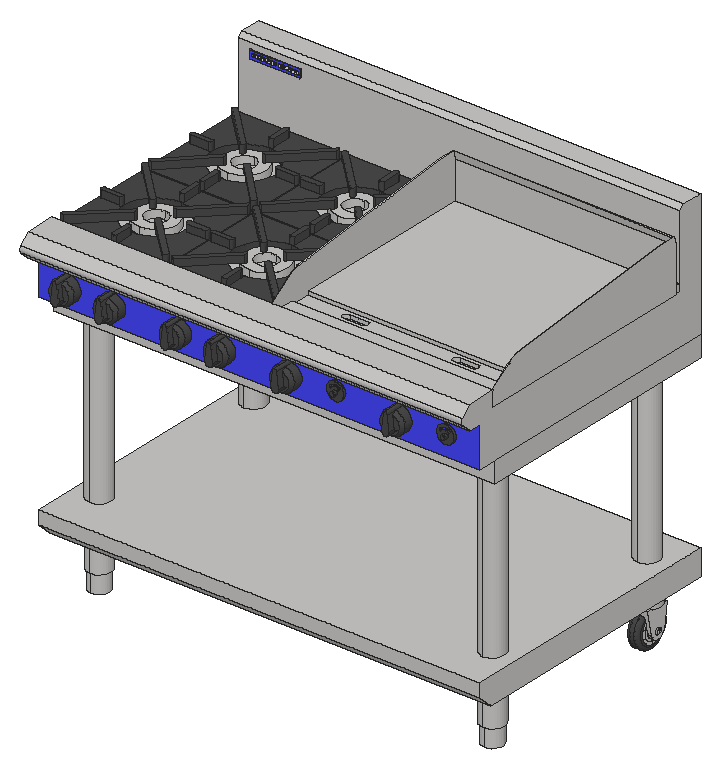
Revit family "QF_MOFFAT_BLUESEAL_CE_G518B-LS", category Specialty Equipment, Revit 2012 (continued)
Definition of nested family "GAS BURNER 600 & GRIDDLE 600"
  Definition of nested family "GAS BURNER 600"
    Forms (mm)
      Extrusion 2, solid, material "QF_Finishes_Black"
        sketch origin (0, 0, 19.5) x (0, -1, 0) y (1, 0, 0)
          loop
            spline (463.6, 241.898) -> (463.818, 240.604) -> (464.457, 239.398) -> (465.475, 238.362) -> (466.8, 237.568) -> (468.344, 237.068) -> (470, 236.898) -> (471.656, 237.068) -> (473.2, 237.568) -> (474.525, 238.362) -> (475.543, 239.398) -> (476.182, 240.604) -> (476.4, 241.898)
            line (476.4, 241.898) -> (476.4, 291.102)
            spline (476.4, 291.102) -> (476.182, 292.396) -> (475.543, 293.602) -> (474.525, 294.638) -> (473.2, 295.432) -> (471.656, 295.932) -> (470, 296.102) -> (468.344, 295.932) -> (466.8, 295.432) -> (465.475, 294.638) -> (464.457, 293.602) -> (463.818, 292.396) -> (463.6, 291.102)
          loop
            spline (612.398, 284.847) -> (613.159, 285.916) -> (613.559, 287.221) -> (613.572, 288.672) -> (613.197, 290.171) -> (612.459, 291.616) -> (611.408, 292.908) -> (610.116, 293.959) -> (608.671, 294.697) -> (607.172, 295.072) -> (605.721, 295.059) -> (604.416, 294.659) -> (603.347, 293.898)
            line (603.347, 293.898) -> (496.924, 185.975)
            spline (496.924, 185.975) -> (496.163, 184.905) -> (495.762, 183.601) -> (495.749, 182.149) -> (496.125, 180.65) -> (496.863, 179.205) -> (497.914, 177.914) -> (499.205, 176.863) -> (500.65, 176.125) -> (502.149, 175.749) -> (503.601, 175.762) -> (504.905, 176.163) -> (505.975, 176.924)
            line (505.975, 176.924) -> (612.398, 284.847)
          loop
            spline (609.602, 143.6) -> (610.896, 143.818) -> (612.102, 144.457) -> (613.138, 145.475) -> (613.932, 146.8) -> (614.432, 148.344) -> (614.602, 150) -> (614.432, 151.656) -> (613.932, 153.2) -> (613.138, 154.525) -> (612.102, 155.543) -> (610.896, 156.182) -> (609.602, 156.4)
            line (609.602, 156.4) -> (561.898, 156.4)
            spline (561.898, 156.4) -> (560.604, 156.182) -> (559.398, 155.543) -> (558.362, 154.525) -> (557.568, 153.2) -> (557.068, 151.656) -> (556.898, 150) -> (557.068, 148.344) -> (557.568, 146.8) -> (558.362, 145.475) -> (559.398, 144.457) -> (560.604, 143.818) -> (561.898, 143.6)
            line (561.898, 143.6) -> (609.602, 143.6)
          loop
            line (612.398, 15.153) -> (505.975, 123.076)
            spline (505.975, 123.076) -> (504.905, 123.837) -> (503.601, 124.238) -> (502.149, 124.251) -> (500.65, 123.875) -> (499.205, 123.137) -> (497.914, 122.086) -> (496.863, 120.795) -> (496.125, 119.35) -> (495.749, 117.851) -> (495.762, 116.399) -> (496.163, 115.095) -> (496.924, 114.025)
            line (496.924, 114.025) -> (603.347, 6.102)
            spline (603.347, 6.102) -> (604.416, 5.341) -> (605.721, 4.941) -> (607.172, 4.928) -> (608.671, 5.303) -> (610.116, 6.041) -> (611.408, 7.092) -> (612.459, 8.384) -> (613.197, 9.829) -> (613.572, 11.328) -> (613.559, 12.779) -> (613.159, 14.084) -> (612.398, 15.153)
          loop
            line (476.4, 8.898) -> (476.4, 58.102)
            spline (476.4, 58.102) -> (476.182, 59.396) -> (475.543, 60.602) -> (474.525, 61.638) -> (473.2, 62.432) -> (471.656, 62.932) -> (470, 63.102) -> (468.344, 62.932) -> (466.8, 62.432) -> (465.475, 61.638) -> (464.457, 60.602) -> (463.818, 59.396) -> (463.6, 58.102)
            line (463.6, 58.102) -> (463.6, 8.898)
            spline (463.6, 8.898) -> (463.818, 7.604) -> (464.457, 6.398) -> (465.475, 5.362) -> (466.8, 4.568) -> (468.344, 4.068) -> (470, 3.898) -> (471.656, 4.068) -> (473.2, 4.568) -> (474.525, 5.362) -> (475.543, 6.398) -> (476.182, 7.604) -> (476.4, 8.898)
          loop
            spline (22.602, 15.153) -> (21.681, 13.924) -> (21.131, 12.47) -> (20.99, 10.89) -> (21.267, 9.292) -> (21.943, 7.786) -> (22.973, 6.473) -> (24.286, 5.443) -> (25.792, 4.767) -> (27.39, 4.49) -> (28.97, 4.631) -> (30.424, 5.181) -> (31.653, 6.102)
            line (31.653, 6.102) -> (139.576, 114.025)
            spline (139.576, 114.025) -> (140.337, 115.095) -> (140.738, 116.399) -> (140.751, 117.851) -> (140.375, 119.35) -> (139.637, 120.795) -> (138.586, 122.086) -> (137.295, 123.137) -> (135.85, 123.875) -> (134.351, 124.251) -> (132.899, 124.238) -> (131.595, 123.837) -> (130.525, 123.076)
            line (130.525, 123.076) -> (22.602, 15.153)
          loop
            spline (25.398, 156.4) -> (24.104, 156.182) -> (22.898, 155.543) -> (21.862, 154.525) -> (21.068, 153.2) -> (20.568, 151.656) -> (20.398, 150) -> (20.568, 148.344) -> (21.068, 146.8) -> (21.862, 145.475) -> (22.898, 144.457) -> (24.104, 143.818) -> (25.398, 143.6)
            line (25.398, 143.6) -> (74.602, 143.6)
            spline (74.602, 143.6) -> (75.896, 143.818) -> (77.102, 144.457) -> (78.138, 145.475) -> (78.932, 146.8) -> (79.432, 148.344) -> (79.602, 150) -> (79.432, 151.656) -> (78.932, 153.2) -> (78.138, 154.525) -> (77.102, 155.543) -> (75.896, 156.182) -> (74.602, 156.4)
            line (74.602, 156.4) -> (25.398, 156.4)
          loop
            spline (31.653, 293.898) -> (30.584, 294.659) -> (29.279, 295.059) -> (27.828, 295.072) -> (26.329, 294.697) -> (24.884, 293.959) -> (23.592, 292.908) -> (22.541, 291.616) -> (21.803, 290.171) -> (21.428, 288.672) -> (21.441, 287.221) -> (21.841, 285.916) -> (22.602, 284.847)
            line (22.602, 284.847) -> (130.525, 176.924)
            spline (130.525, 176.924) -> (131.595, 176.163) -> (132.899, 175.762) -> (134.351, 175.749) -> (135.85, 176.125) -> (137.295, 176.863) -> (138.586, 177.914) -> (139.637, 179.205) -> (140.375, 180.65) -> (140.751, 182.149) -> (140.738, 183.601) -> (140.337, 184.905) -> (139.576, 185.975)
            line (139.576, 185.975) -> (31.653, 293.898)
          loop
            line (160.1, 291.102) -> (160.1, 241.898)
            spline (160.1, 241.898) -> (160.318, 240.604) -> (160.957, 239.398) -> (161.975, 238.362) -> (163.3, 237.568) -> (164.844, 237.068) -> (166.5, 236.898) -> (168.156, 237.068) -> (169.7, 237.568) -> (171.025, 238.362) -> (172.043, 239.398) -> (172.682, 240.604) -> (172.9, 241.898)
            line (172.9, 241.898) -> (172.9, 291.102)
            spline (172.9, 291.102) -> (172.682, 292.396) -> (172.043, 293.602) -> (171.025, 294.638) -> (169.7, 295.432) -> (168.156, 295.932) -> (166.5, 296.102) -> (164.844, 295.932) -> (163.3, 295.432) -> (161.975, 294.638) -> (160.957, 293.602) -> (160.318, 292.396) -> (160.1, 291.102)
          loop
            spline (313.898, 284.847) -> (314.659, 285.916) -> (315.059, 287.221) -> (315.072, 288.672) -> (314.697, 290.171) -> (313.959, 291.616) -> (312.908, 292.908) -> (311.616, 293.959) -> (310.171, 294.697) -> (308.672, 295.072) -> (307.221, 295.059) -> (305.916, 294.659) -> (304.847, 293.898)
            line (304.847, 293.898) -> (193.424, 185.975)
            spline (193.424, 185.975) -> (192.663, 184.905) -> (192.262, 183.601) -> (192.249, 182.149) -> (192.625, 180.65) -> (193.363, 179.205) -> (194.414, 177.914) -> (195.705, 176.863) -> (197.15, 176.125) -> (198.649, 175.749) -> (200.101, 175.762) -> (201.405, 176.163) -> (202.475, 176.924)
            line (202.475, 176.924) -> (313.898, 284.847)
          loop
            spline (311.102, 143.6) -> (312.396, 143.818) -> (313.602, 144.457) -> (314.638, 145.475) -> (315.432, 146.8) -> (315.932, 148.344) -> (316.102, 150) -> (315.932, 151.656) -> (315.432, 153.2) -> (314.638, 154.525) -> (313.602, 155.543) -> (312.396, 156.182) -> (311.102, 156.4)
            line (311.102, 156.4) -> (261.898, 156.4)
            spline (261.898, 156.4) -> (260.604, 156.182) -> (259.398, 155.543) -> (258.362, 154.525) -> (257.568, 153.2) -> (257.068, 151.656) -> (256.898, 150) -> (257.068, 148.344) -> (257.568, 146.8) -> (258.362, 145.475) -> (259.398, 144.457) -> (260.604, 143.818) -> (261.898, 143.6)
            line (261.898, 143.6) -> (311.102, 143.6)
          loop
            line (313.898, 15.153) -> (202.475, 123.076)
            spline (202.475, 123.076) -> (201.405, 123.837) -> (200.101, 124.238) -> (198.649, 124.251) -> (197.15, 123.875) -> (195.705, 123.137) -> (194.414, 122.086) -> (193.363, 120.795) -> (192.625, 119.35) -> (192.249, 117.851) -> (192.262, 116.399) -> (192.663, 115.095) -> (193.424, 114.025)
            line (193.424, 114.025) -> (304.847, 6.102)
            spline (304.847, 6.102) -> (305.916, 5.341) -> (307.221, 4.941) -> (308.672, 4.928) -> (310.171, 5.303) -> (311.616, 6.041) -> (312.908, 7.092) -> (313.959, 8.384) -> (314.697, 9.829) -> (315.072, 11.328) -> (315.059, 12.779) -> (314.659, 14.084) -> (313.898, 15.153)
          loop
            line (172.9, 8.898) -> (172.9, 58.102)
            spline (172.9, 58.102) -> (172.682, 59.396) -> (172.043, 60.602) -> (171.025, 61.638) -> (169.7, 62.432) -> (168.156, 62.932) -> (166.5, 63.102) -> (164.844, 62.932) -> (163.3, 62.432) -> (161.975, 61.638) -> (160.957, 60.602) -> (160.318, 59.396) -> (160.1, 58.102)
            line (160.1, 58.102) -> (160.1, 8.898)
            spline (160.1, 8.898) -> (160.318, 7.604) -> (160.957, 6.398) -> (161.975, 5.362) -> (163.3, 4.568) -> (164.844, 4.068) -> (166.5, 3.898) -> (168.156, 4.068) -> (169.7, 4.568) -> (171.025, 5.362) -> (172.043, 6.398) -> (172.682, 7.604) -> (172.9, 8.898)
        from 0 to 20.5
      Extrusion 3, solid, material "QF_Finishes_Stainless Steel"
        sketch origin (0, -15.098, 0) x (0, -1, 0) y (1, 0, 0)
          loop
            circle (151.402, 150) r 57
          loop
            circle (451.402, 150) r 57
          loop
            circle (151.402, 150) r 30
          loop
            circle (451.402, 150) r 30
        from 0 to 20
      Extrusion 4, solid, material "QF_Finishes_Black"
        sketch origin (600, 0, 0) x (0, -1, 0) y (1, 0, 0)
          loop
            arc (318.5, -4) -> (317.621, -1.879) -> (315.5, -1) r 3
            line (315.5, -1) -> (3, -1)
            arc (3, -1) -> (0.879, -1.879) -> (0, -4) r 3
            line (0, -4) -> (0, -296)
            arc (0, -296) -> (0.879, -298.121) -> (3, -299) r 3
            line (3, -299) -> (315.5, -299)
            arc (315.5, -299) -> (317.621, -298.121) -> (318.5, -296) r 3
            line (318.5, -296) -> (318.5, -4)
          loop
            arc (324.5, -1) -> (322.379, -1.879) -> (321.5, -4) r 3
            line (321.5, -4) -> (321.5, -296)
            arc (321.5, -296) -> (322.379, -298.121) -> (324.5, -299) r 3
            line (324.5, -299) -> (632, -299)
            arc (632, -299) -> (634.121, -298.121) -> (635, -296) r 3
            line (635, -296) -> (635, -4)
            arc (635, -4) -> (634.121, -1.879) -> (632, -1) r 3
            line (632, -1) -> (324.5, -1)
          loop
            circle (168.5, -149.991) r 84.082
          loop
            circle (468.5, -149.991) r 84.082
        from 0 to 19.5
      Extrusion 5, solid, material "QF_Finishes_Black"
        sketch origin (600, 0, 19.5) x (0, -1, 0) y (1, 0, 0)
          loop
            line (326.102, -15.153) -> (434.025, -123.076)
            spline (434.025, -123.076) -> (435.095, -123.837) -> (436.399, -124.238) -> (437.851, -124.251) -> (439.35, -123.875) -> (440.795, -123.137) -> (442.086, -122.086) -> (443.137, -120.795) -> (443.875, -119.35) -> (444.251, -117.851) -> (444.238, -116.399) -> (443.837, -115.095) -> (443.076, -114.025)
            line (443.076, -114.025) -> (335.153, -6.102)
            spline (335.153, -6.102) -> (333.924, -5.181) -> (332.47, -4.631) -> (330.89, -4.49) -> (329.292, -4.767) -> (327.786, -5.443) -> (326.473, -6.473) -> (325.443, -7.786) -> (324.767, -9.292) -> (324.49, -10.89) -> (324.631, -12.47) -> (325.181, -13.924) -> (326.102, -15.153)
          loop
            line (328.898, -156.4) -> (378.102, -156.4)
            spline (378.102, -156.4) -> (379.396, -156.182) -> (380.602, -155.543) -> (381.638, -154.525) -> (382.432, -153.2) -> (382.932, -151.656) -> (383.102, -150) -> (382.932, -148.344) -> (382.432, -146.8) -> (381.638, -145.475) -> (380.602, -144.457) -> (379.396, -143.818) -> (378.102, -143.6)
            line (378.102, -143.6) -> (328.898, -143.6)
            spline (328.898, -143.6) -> (327.604, -143.818) -> (326.398, -144.457) -> (325.362, -145.475) -> (324.568, -146.8) -> (324.068, -148.344) -> (323.898, -150) -> (324.068, -151.656) -> (324.568, -153.2) -> (325.362, -154.525) -> (326.398, -155.543) -> (327.604, -156.182) -> (328.898, -156.4)
          loop
            line (335.153, -293.898) -> (443.076, -185.975)
            spline (443.076, -185.975) -> (443.837, -184.905) -> (444.238, -183.601) -> (444.251, -182.149) -> (443.875, -180.65) -> (443.137, -179.205) -> (442.086, -177.914) -> (440.795, -176.863) -> (439.35, -176.125) -> (437.851, -175.749) -> (436.399, -175.762) -> (435.095, -176.163) -> (434.025, -176.924)
            line (434.025, -176.924) -> (326.102, -284.847)
            spline (326.102, -284.847) -> (325.341, -285.916) -> (324.941, -287.221) -> (324.928, -288.672) -> (325.303, -290.171) -> (326.041, -291.616) -> (327.092, -292.908) -> (328.384, -293.959) -> (329.829, -294.697) -> (331.328, -295.072) -> (332.779, -295.059) -> (334.084, -294.659) -> (335.153, -293.898)
          loop
            spline (463.6, -291.102) -> (463.818, -292.396) -> (464.457, -293.602) -> (465.475, -294.638) -> (466.8, -295.432) -> (468.344, -295.932) -> (470, -296.102) -> (471.656, -295.932) -> (473.2, -295.432) -> (474.525, -294.638) -> (475.543, -293.602) -> (476.182, -292.396) -> (476.4, -291.102)
            line (476.4, -291.102) -> (476.4, -241.898)
            spline (476.4, -241.898) -> (476.182, -240.604) -> (475.543, -239.398) -> (474.525, -238.362) -> (473.2, -237.568) -> (471.656, -237.068) -> (470, -236.898) -> (468.344, -237.068) -> (466.8, -237.568) -> (465.475, -238.362) -> (464.457, -239.398) -> (463.818, -240.604) -> (463.6, -241.898)
            line (463.6, -241.898) -> (463.6, -291.102)
          loop
            line (612.398, -284.847) -> (505.975, -176.924)
            spline (505.975, -176.924) -> (504.905, -176.163) -> (503.601, -175.762) -> (502.149, -175.749) -> (500.65, -176.125) -> (499.205, -176.863) -> (497.914, -177.914) -> (496.863, -179.205) -> (496.125, -180.65) -> (495.749, -182.149) -> (495.762, -183.601) -> (496.163, -184.905) -> (496.924, -185.975)
            line (496.924, -185.975) -> (603.347, -293.898)
            spline (603.347, -293.898) -> (604.416, -294.659) -> (605.721, -295.059) -> (607.172, -295.072) -> (608.671, -294.697) -> (610.116, -293.959) -> (611.408, -292.908) -> (612.459, -291.616) -> (613.197, -290.171) -> (613.572, -288.672) -> (613.559, -287.221) -> (613.159, -285.916) -> (612.398, -284.847)
          loop
            line (609.602, -143.6) -> (561.898, -143.6)
            spline (561.898, -143.6) -> (560.604, -143.818) -> (559.398, -144.457) -> (558.362, -145.475) -> (557.568, -146.8) -> (557.068, -148.344) -> (556.898, -150) -> (557.068, -151.656) -> (557.568, -153.2) -> (558.362, -154.525) -> (559.398, -155.543) -> (560.604, -156.182) -> (561.898, -156.4)
            line (561.898, -156.4) -> (609.602, -156.4)
            spline (609.602, -156.4) -> (610.896, -156.182) -> (612.102, -155.543) -> (613.138, -154.525) -> (613.932, -153.2) -> (614.432, -151.656) -> (614.602, -150) -> (614.432, -148.344) -> (613.932, -146.8) -> (613.138, -145.475) -> (612.102, -144.457) -> (610.896, -143.818) -> (609.602, -143.6)
          loop
            spline (612.398, -15.153) -> (613.159, -14.084) -> (613.559, -12.779) -> (613.572, -11.328) -> (613.197, -9.829) -> (612.459, -8.384) -> (611.408, -7.092) -> (610.116, -6.041) -> (608.671, -5.303) -> (607.172, -4.928) -> (605.721, -4.941) -> (604.416, -5.341) -> (603.347, -6.102)
            line (603.347, -6.102) -> (496.924, -114.025)
            spline (496.924, -114.025) -> (496.163, -115.095) -> (495.762, -116.399) -> (495.749, -117.851) -> (496.125, -119.35) -> (496.863, -120.795) -> (497.914, -122.086) -> (499.205, -123.137) -> (500.65, -123.875) -> (502.149, -124.251) -> (503.601, -124.238) -> (504.905, -123.837) -> (505.975, -123.076)
            line (505.975, -123.076) -> (612.398, -15.153)
          loop
            spline (476.4, -8.898) -> (476.182, -7.604) -> (475.543, -6.398) -> (474.525, -5.362) -> (473.2, -4.568) -> (471.656, -4.068) -> (470, -3.898) -> (468.344, -4.068) -> (466.8, -4.568) -> (465.475, -5.362) -> (464.457, -6.398) -> (463.818, -7.604) -> (463.6, -8.898)
            line (463.6, -8.898) -> (463.6, -58.102)
            spline (463.6, -58.102) -> (463.818, -59.396) -> (464.457, -60.602) -> (465.475, -61.638) -> (466.8, -62.432) -> (468.344, -62.932) -> (470, -63.102) -> (471.656, -62.932) -> (473.2, -62.432) -> (474.525, -61.638) -> (475.543, -60.602) -> (476.182, -59.396) -> (476.4, -58.102)
            line (476.4, -58.102) -> (476.4, -8.898)
          loop
            line (22.602, -15.153) -> (130.525, -123.076)
            spline (130.525, -123.076) -> (131.595, -123.837) -> (132.899, -124.238) -> (134.351, -124.251) -> (135.85, -123.875) -> (137.295, -123.137) -> (138.586, -122.086) -> (139.637, -120.795) -> (140.375, -119.35) -> (140.751, -117.851) -> (140.738, -116.399) -> (140.337, -115.095) -> (139.576, -114.025)
            line (139.576, -114.025) -> (31.653, -6.102)
            spline (31.653, -6.102) -> (30.424, -5.181) -> (28.97, -4.631) -> (27.39, -4.49) -> (25.792, -4.767) -> (24.286, -5.443) -> (22.973, -6.473) -> (21.943, -7.786) -> (21.267, -9.292) -> (20.99, -10.89) -> (21.131, -12.47) -> (21.681, -13.924) -> (22.602, -15.153)
          loop
            line (25.398, -156.4) -> (74.602, -156.4)
            spline (74.602, -156.4) -> (75.896, -156.182) -> (77.102, -155.543) -> (78.138, -154.525) -> (78.932, -153.2) -> (79.432, -151.656) -> (79.602, -150) -> (79.432, -148.344) -> (78.932, -146.8) -> (78.138, -145.475) -> (77.102, -144.457) -> (75.896, -143.818) -> (74.602, -143.6)
            line (74.602, -143.6) -> (25.398, -143.6)
            spline (25.398, -143.6) -> (24.104, -143.818) -> (22.898, -144.457) -> (21.862, -145.475) -> (21.068, -146.8) -> (20.568, -148.344) -> (20.398, -150) -> (20.568, -151.656) -> (21.068, -153.2) -> (21.862, -154.525) -> (22.898, -155.543) -> (24.104, -156.182) -> (25.398, -156.4)
          loop
            line (31.653, -293.898) -> (139.576, -185.975)
            spline (139.576, -185.975) -> (140.337, -184.905) -> (140.738, -183.601) -> (140.751, -182.149) -> (140.375, -180.65) -> (139.637, -179.205) -> (138.586, -177.914) -> (137.295, -176.863) -> (135.85, -176.125) -> (134.351, -175.749) -> (132.899, -175.762) -> (131.595, -176.163) -> (130.525, -176.924)
            line (130.525, -176.924) -> (22.602, -284.847)
            spline (22.602, -284.847) -> (21.841, -285.916) -> (21.441, -287.221) -> (21.428, -288.672) -> (21.803, -290.171) -> (22.541, -291.616) -> (23.592, -292.908) -> (24.884, -293.959) -> (26.329, -294.697) -> (27.828, -295.072) -> (29.279, -295.059) -> (30.584, -294.659) -> (31.653, -293.898)
          loop
            spline (160.1, -291.102) -> (160.318, -292.396) -> (160.957, -293.602) -> (161.975, -294.638) -> (163.3, -295.432) -> (164.844, -295.932) -> (166.5, -296.102) -> (168.156, -295.932) -> (169.7, -295.432) -> (171.025, -294.638) -> (172.043, -293.602) -> (172.682, -292.396) -> (172.9, -291.102)
            line (172.9, -291.102) -> (172.9, -241.898)
            spline (172.9, -241.898) -> (172.682, -240.604) -> (172.043, -239.398) -> (171.025, -238.362) -> (169.7, -237.568) -> (168.156, -237.068) -> (166.5, -236.898) -> (164.844, -237.068) -> (163.3, -237.568) -> (161.975, -238.362) -> (160.957, -239.398) -> (160.318, -240.604) -> (160.1, -241.898)
            line (160.1, -241.898) -> (160.1, -291.102)
          loop
            line (313.898, -284.847) -> (202.475, -176.924)
            spline (202.475, -176.924) -> (201.405, -176.163) -> (200.101, -175.762) -> (198.649, -175.749) -> (197.15, -176.125) -> (195.705, -176.863) -> (194.414, -177.914) -> (193.363, -179.205) -> (192.625, -180.65) -> (192.249, -182.149) -> (192.262, -183.601) -> (192.663, -184.905) -> (193.424, -185.975)
            line (193.424, -185.975) -> (304.847, -293.898)
            spline (304.847, -293.898) -> (305.916, -294.659) -> (307.221, -295.059) -> (308.672, -295.072) -> (310.171, -294.697) -> (311.616, -293.959) -> (312.908, -292.908) -> (313.959, -291.616) -> (314.697, -290.171) -> (315.072, -288.672) -> (315.059, -287.221) -> (314.659, -285.916) -> (313.898, -284.847)
          loop
            line (311.102, -143.6) -> (261.898, -143.6)
            spline (261.898, -143.6) -> (260.604, -143.818) -> (259.398, -144.457) -> (258.362, -145.475) -> (257.568, -146.8) -> (257.068, -148.344) -> (256.898, -150) -> (257.068, -151.656) -> (257.568, -153.2) -> (258.362, -154.525) -> (259.398, -155.543) -> (260.604, -156.182) -> (261.898, -156.4)
            line (261.898, -156.4) -> (311.102, -156.4)
            spline (311.102, -156.4) -> (312.396, -156.182) -> (313.602, -155.543) -> (314.638, -154.525) -> (315.432, -153.2) -> (315.932, -151.656) -> (316.102, -150) -> (315.932, -148.344) -> (315.432, -146.8) -> (314.638, -145.475) -> (313.602, -144.457) -> (312.396, -143.818) -> (311.102, -143.6)
          loop
            spline (313.898, -15.153) -> (314.659, -14.084) -> (315.059, -12.779) -> (315.072, -11.328) -> (314.697, -9.829) -> (313.959, -8.384) -> (312.908, -7.092) -> (311.616, -6.041) -> (310.171, -5.303) -> (308.672, -4.928) -> (307.221, -4.941) -> (305.916, -5.341) -> (304.847, -6.102)
            line (304.847, -6.102) -> (193.424, -114.025)
            spline (193.424, -114.025) -> (192.663, -115.095) -> (192.262, -116.399) -> (192.249, -117.851) -> (192.625, -119.35) -> (193.363, -120.795) -> (194.414, -122.086) -> (195.705, -123.137) -> (197.15, -123.875) -> (198.649, -124.251) -> (200.101, -124.238) -> (201.405, -123.837) -> (202.475, -123.076)
            line (202.475, -123.076) -> (313.898, -15.153)
          loop
            spline (172.9, -8.898) -> (172.682, -7.604) -> (172.043, -6.398) -> (171.025, -5.362) -> (169.7, -4.568) -> (168.156, -4.068) -> (166.5, -3.898) -> (164.844, -4.068) -> (163.3, -4.568) -> (161.975, -5.362) -> (160.957, -6.398) -> (160.318, -7.604) -> (160.1, -8.898)
            line (160.1, -8.898) -> (160.1, -58.102)
            spline (160.1, -58.102) -> (160.318, -59.396) -> (160.957, -60.602) -> (161.975, -61.638) -> (163.3, -62.432) -> (164.844, -62.932) -> (166.5, -63.102) -> (168.156, -62.932) -> (169.7, -62.432) -> (171.025, -61.638) -> (172.043, -60.602) -> (172.682, -59.396) -> (172.9, -58.102)
            line (172.9, -58.102) -> (172.9, -8.898)
        from 0 to 20.5
      Extrusion 6, solid, material "QF_Finishes_Stainless Steel"
        sketch origin (600, -15.098, 0) x (0, -1, 0) y (1, 0, 0)
          loop
            circle (151.402, -150) r 57
          loop
            circle (451.402, -150) r 57
          loop
            circle (151.402, -150) r 30
          loop
            circle (451.402, -150) r 30
        from 0 to 20
    Lines and regions (mm)
      symbolic lines
        curve 1: line (284.847, -22.602, 0) -> (176.924, -130.525, 0)
        curve 2: spline (176.924, -130.525, 0) -> (176.163, -131.595, 0) -> (175.762, -132.899, 0) -> (175.749, -134.351, 0) -> (176.125, -135.85, 0) -> (176.863, -137.295, 0) -> (177.914, -138.586, 0) -> (179.205, -139.637, 0) -> (180.65, -140.375, 0) -> (182.149, -140.751, 0) -> (183.601, -140.738, 0) -> (184.905, -140.337, 0) -> (185.975, -139.576, 0)
        curve 3: line (185.975, -139.576, 0) -> (293.898, -31.653, 0)
        curve 4: spline (293.898, -31.653, 0) -> (294.659, -30.584, 0) -> (295.059, -29.279, 0) -> (295.072, -27.828, 0) -> (294.697, -26.329, 0) -> (293.959, -24.884, 0) -> (292.908, -23.592, 0) -> (291.616, -22.541, 0) -> (290.171, -21.803, 0) -> (288.672, -21.428, 0) -> (287.221, -21.441, 0) -> (285.916, -21.841, 0) -> (284.847, -22.602, 0)
        curve 5: line (291.102, -160.1, 0) -> (241.898, -160.1, 0)
        curve 6: spline (241.898, -160.1, 0) -> (240.604, -160.318, 0) -> (239.398, -160.957, 0) -> (238.362, -161.975, 0) -> (237.568, -163.3, 0) -> (237.068, -164.844, 0) -> (236.898, -166.5, 0) -> (237.068, -168.156, 0) -> (237.568, -169.7, 0) -> (238.362, -171.025, 0) -> (239.398, -172.043, 0) -> (240.604, -172.682, 0) -> (241.898, -172.9, 0)
        curve 7: line (241.898, -172.9, 0) -> (291.102, -172.9, 0)
        curve 8: spline (291.102, -172.9, 0) -> (292.396, -172.682, 0) -> (293.602, -172.043, 0) -> (294.638, -171.025, 0) -> (295.432, -169.7, 0) -> (295.932, -168.156, 0) -> (296.102, -166.5, 0) -> (295.932, -164.844, 0) -> (295.432, -163.3, 0) -> (294.638, -161.975, 0) -> (293.602, -160.957, 0) -> (292.396, -160.318, 0) -> (291.102, -160.1, 0)
        curve 9: line (306.102, -31.653, 0) -> (414.025, -139.576, 0)
        curve 10: spline (414.025, -139.576, 0) -> (415.095, -140.337, 0) -> (416.399, -140.738, 0) -> (417.851, -140.751, 0) -> (419.35, -140.375, 0) -> (420.795, -139.637, 0) -> (422.086, -138.586, 0) -> (423.137, -137.295, 0) -> (423.875, -135.85, 0) -> (424.251, -134.351, 0) -> (424.238, -132.899, 0) -> (423.837, -131.595, 0) -> (423.076, -130.525, 0)
        curve 11: line (423.076, -130.525, 0) -> (315.153, -22.602, 0)
        curve 12: spline (315.153, -22.602, 0) -> (314.084, -21.841, 0) -> (312.779, -21.441, 0) -> (311.328, -21.428, 0) -> (309.829, -21.803, 0) -> (308.384, -22.541, 0) -> (307.092, -23.592, 0) -> (306.041, -24.884, 0) -> (305.303, -26.329, 0) -> (304.928, -27.828, 0) -> (304.941, -29.279, 0) -> (305.341, -30.584, 0) -> (306.102, -31.653, 0)
        curve 13: line (443.6, -25.398, 0) -> (443.6, -74.602, 0)
        curve 14: spline (443.6, -74.602, 0) -> (443.818, -75.896, 0) -> (444.457, -77.102, 0) -> (445.475, -78.138, 0) -> (446.8, -78.932, 0) -> (448.344, -79.432, 0) -> (450, -79.602, 0) -> (451.656, -79.432, 0) -> (453.2, -78.932, 0) -> (454.525, -78.138, 0) -> (455.543, -77.102, 0) -> (456.182, -75.896, 0) -> (456.4, -74.602, 0)
        curve 15: line (456.4, -74.602, 0) -> (456.4, -25.398, 0)
        curve 16: spline (456.4, -25.398, 0) -> (456.182, -24.104, 0) -> (455.543, -22.898, 0) -> (454.525, -21.862, 0) -> (453.2, -21.068, 0) -> (451.656, -20.568, 0) -> (450, -20.398, 0) -> (448.344, -20.568, 0) -> (446.8, -21.068, 0) -> (445.475, -21.862, 0) -> (444.457, -22.898, 0) -> (443.818, -24.104, 0) -> (443.6, -25.398, 0)
        curve 17: line (584.847, -22.602, 0) -> (476.924, -130.525, 0)
        curve 18: spline (476.924, -130.525, 0) -> (476.163, -131.595, 0) -> (475.762, -132.899, 0) -> (475.749, -134.351, 0) -> (476.125, -135.85, 0) -> (476.863, -137.295, 0) -> (477.914, -138.586, 0) -> (479.205, -139.637, 0) -> (480.65, -140.375, 0) -> (482.149, -140.751, 0) -> (483.601, -140.738, 0) -> (484.905, -140.337, 0) -> (485.975, -139.576, 0)
        curve 19: line (485.975, -139.576, 0) -> (593.898, -31.653, 0)
        curve 20: spline (593.898, -31.653, 0) -> (594.819, -30.424, 0) -> (595.369, -28.97, 0) -> (595.51, -27.39, 0) -> (595.233, -25.792, 0) -> (594.557, -24.286, 0) -> (593.527, -22.973, 0) -> (592.214, -21.943, 0) -> (590.708, -21.267, 0) -> (589.11, -20.99, 0) -> (587.53, -21.131, 0) -> (586.076, -21.681, 0) -> (584.847, -22.602, 0)
        curve 21: line (591.102, -160.1, 0) -> (541.898, -160.1, 0)
        curve 22: spline (541.898, -160.1, 0) -> (540.604, -160.318, 0) -> (539.398, -160.957, 0) -> (538.362, -161.975, 0) -> (537.568, -163.3, 0) -> (537.068, -164.844, 0) -> (536.898, -166.5, 0) -> (537.068, -168.156, 0) -> (537.568, -169.7, 0) -> (538.362, -171.025, 0) -> (539.398, -172.043, 0) -> (540.604, -172.682, 0) -> (541.898, -172.9, 0)
        curve 23: line (541.898, -172.9, 0) -> (591.102, -172.9, 0)
        curve 24: spline (591.102, -172.9, 0) -> (592.396, -172.682, 0) -> (593.602, -172.043, 0) -> (594.638, -171.025, 0) -> (595.432, -169.7, 0) -> (595.932, -168.156, 0) -> (596.102, -166.5, 0) -> (595.932, -164.844, 0) -> (595.432, -163.3, 0) -> (594.638, -161.975, 0) -> (593.602, -160.957, 0) -> (592.396, -160.318, 0) -> (591.102, -160.1, 0)
        curve 25: line (593.898, -304.847, 0) -> (485.975, -193.424, 0)
        curve 26: spline (485.975, -193.424, 0) -> (484.905, -192.663, 0) -> (483.601, -192.262, 0) -> (482.149, -192.249, 0) -> (480.65, -192.625, 0) -> (479.205, -193.363, 0) -> (477.914, -194.414, 0) -> (476.863, -195.705, 0) -> (476.125, -197.15, 0) -> (475.749, -198.649, 0) -> (475.762, -200.101, 0) -> (476.163, -201.405, 0) -> (476.924, -202.475, 0)
        curve 27: line (476.924, -202.475, 0) -> (584.847, -313.898, 0)
        curve 28: spline (584.847, -313.898, 0) -> (585.916, -314.659, 0) -> (587.221, -315.059, 0) -> (588.672, -315.072, 0) -> (590.171, -314.697, 0) -> (591.616, -313.959, 0) -> (592.908, -312.908, 0) -> (593.959, -311.616, 0) -> (594.697, -310.171, 0) -> (595.072, -308.672, 0) -> (595.059, -307.221, 0) -> (594.659, -305.916, 0) -> (593.898, -304.847, 0)
        curve 29: arc (450, -223.5, 0) -> (468.725, -220.336, 0) -> (485.372, -211.197, 0) r 57
        curve 30: arc (450, -109.5, 0) -> (431.183, -112.696, 0) -> (414.475, -121.924, 0) r 57
        curve 31: arc (450.009, -84.418, 0) -> (478.534, -89.404, 0) -> (503.676, -103.773, 0) r 84.082
        curve 32: arc (450.009, -252.582, 0) -> (420.453, -247.216, 0) -> (394.669, -231.803, 0) r 84.082
        curve 33: arc (450, -136.5, 0) -> (480, -166.5, 0) -> (450, -196.5, 0) r 30
        curve 34: arc (450, -196.5, 0) -> (420, -166.5, 0) -> (450, -136.5, 0) r 30
        curve 35: arc (150, -223.5, 0) -> (168.725, -220.336, 0) -> (185.372, -211.197, 0) r 57
        curve 36: arc (150, -109.5, 0) -> (131.183, -112.696, 0) -> (114.475, -121.924, 0) r 57
        curve 37: arc (149.991, -84.418, 0) -> (178.523, -89.406, 0) -> (203.668, -103.781, 0) r 84.082
        curve 38: arc (149.991, -252.582, 0) -> (120.441, -247.219, 0) -> (94.661, -231.812, 0) r 84.082
        curve 39: line (156.4, -74.602, 0) -> (156.4, -25.398, 0)
        curve 40: spline (156.4, -25.398, 0) -> (156.182, -24.104, 0) -> (155.543, -22.898, 0) -> (154.525, -21.862, 0) -> (153.2, -21.068, 0) -> (151.656, -20.568, 0) -> (150, -20.398, 0) -> (148.344, -20.568, 0) -> (146.8, -21.068, 0) -> (145.475, -21.862, 0) -> (144.457, -22.898, 0) -> (143.818, -24.104, 0) -> (143.6, -25.398, 0)
        curve 41: line (143.6, -25.398, 0) -> (143.6, -74.602, 0)
        curve 42: spline (143.6, -74.602, 0) -> (143.818, -75.896, 0) -> (144.457, -77.102, 0) -> (145.475, -78.138, 0) -> (146.8, -78.932, 0) -> (148.344, -79.432, 0) -> (150, -79.602, 0) -> (151.656, -79.432, 0) -> (153.2, -78.932, 0) -> (154.525, -78.138, 0) -> (155.543, -77.102, 0) -> (156.182, -75.896, 0) -> (156.4, -74.602, 0)
        curve 43: line (358.102, -160.1, 0) -> (308.898, -160.1, 0)
        curve 44: spline (308.898, -160.1, 0) -> (307.604, -160.318, 0) -> (306.398, -160.957, 0) -> (305.362, -161.975, 0) -> (304.568, -163.3, 0) -> (304.068, -164.844, 0) -> (303.898, -166.5, 0) -> (304.068, -168.156, 0) -> (304.568, -169.7, 0) -> (305.362, -171.025, 0) -> (306.398, -172.043, 0) -> (307.604, -172.682, 0) -> (308.898, -172.9, 0)
        curve 45: line (308.898, -172.9, 0) -> (358.102, -172.9, 0)
        curve 46: spline (358.102, -172.9, 0) -> (359.396, -172.682, 0) -> (360.602, -172.043, 0) -> (361.638, -171.025, 0) -> (362.432, -169.7, 0) -> (362.932, -168.156, 0) -> (363.102, -166.5, 0) -> (362.932, -164.844, 0) -> (362.432, -163.3, 0) -> (361.638, -161.975, 0) -> (360.602, -160.957, 0) -> (359.396, -160.318, 0) -> (358.102, -160.1, 0)
        curve 47: line (414.025, -193.424, 0) -> (306.102, -304.847, 0)
        curve 48: spline (306.102, -304.847, 0) -> (305.341, -305.916, 0) -> (304.941, -307.221, 0) -> (304.928, -308.672, 0) -> (305.303, -310.171, 0) -> (306.041, -311.616, 0) -> (307.092, -312.908, 0) -> (308.384, -313.959, 0) -> (309.829, -314.697, 0) -> (311.328, -315.072, 0) -> (312.779, -315.059, 0) -> (314.084, -314.659, 0) -> (315.153, -313.898, 0)
        curve 49: line (315.153, -313.898, 0) -> (423.076, -202.475, 0)
        curve 50: spline (423.076, -202.475, 0) -> (423.837, -201.405, 0) -> (424.238, -200.101, 0) -> (424.251, -198.649, 0) -> (423.875, -197.15, 0) -> (423.137, -195.705, 0) -> (422.086, -194.414, 0) -> (420.795, -193.363, 0) -> (419.35, -192.625, 0) -> (417.851, -192.249, 0) -> (416.399, -192.262, 0) -> (415.095, -192.663, 0) -> (414.025, -193.424, 0)
        curve 51: line (456.4, -311.102, 0) -> (456.4, -261.898, 0)
        curve 52: spline (456.4, -261.898, 0) -> (456.182, -260.604, 0) -> (455.543, -259.398, 0) -> (454.525, -258.362, 0) -> (453.2, -257.568, 0) -> (451.656, -257.068, 0) -> (450, -256.898, 0) -> (448.344, -257.068, 0) -> (446.8, -257.568, 0) -> (445.475, -258.362, 0) -> (444.457, -259.398, 0) -> (443.818, -260.604, 0) -> (443.6, -261.898, 0)
        curve 53: line (443.6, -261.898, 0) -> (443.6, -311.102, 0)
        curve 54: spline (443.6, -311.102, 0) -> (443.818, -312.396, 0) -> (444.457, -313.602, 0) -> (445.475, -314.638, 0) -> (446.8, -315.432, 0) -> (448.344, -315.932, 0) -> (450, -316.102, 0) -> (451.656, -315.932, 0) -> (453.2, -315.432, 0) -> (454.525, -314.638, 0) -> (455.543, -313.602, 0) -> (456.182, -312.396, 0) -> (456.4, -311.102, 0)
        curve 55: line (596, 0, 0) -> (304, 0, 0)
        curve 56: arc (304, 0, 0) -> (301.879, -0.879, 0) -> (301, -3, 0) r 3
        curve 57: line (301, -3, 0) -> (301, -315.5, 0)
        curve 58: arc (301, -315.5, 0) -> (301.879, -317.621, 0) -> (304, -318.5, 0) r 3
        curve 59: line (304, -318.5, 0) -> (596, -318.5, 0)
        curve 60: arc (596, -318.5, 0) -> (598.121, -317.621, 0) -> (599, -315.5, 0) r 3
        curve 61: line (599, -315.5, 0) -> (599, -3, 0)
        curve 62: arc (599, -3, 0) -> (598.121, -0.879, 0) -> (596, 0, 0) r 3
        curve 63: line (296, 0, 0) -> (4, 0, 0)
        curve 64: arc (4, 0, 0) -> (1.879, -0.879, 0) -> (1, -3, 0) r 3
        curve 65: line (1, -3, 0) -> (1, -315.5, 0)
        curve 66: arc (1, -315.5, 0) -> (1.879, -317.621, 0) -> (4, -318.5, 0) r 3
        curve 67: line (4, -318.5, 0) -> (296, -318.5, 0)
        curve 68: arc (296, -318.5, 0) -> (298.121, -317.621, 0) -> (299, -315.5, 0) r 3
        curve 69: line (299, -315.5, 0) -> (299, -3, 0)
        curve 70: arc (299, -3, 0) -> (298.121, -0.879, 0) -> (296, 0, 0) r 3
        curve 71: line (296, -321.5, 0) -> (4, -321.5, 0)
        curve 72: arc (4, -321.5, 0) -> (1.879, -322.379, 0) -> (1, -324.5, 0) r 3
        curve 73: line (1, -324.5, 0) -> (1, -632, 0)
        curve 74: arc (1, -632, 0) -> (1.879, -634.121, 0) -> (4, -635, 0) r 3
        curve 75: line (4, -635, 0) -> (296, -635, 0)
        curve 76: arc (296, -635, 0) -> (298.121, -634.121, 0) -> (299, -632, 0) r 3
        curve 77: line (299, -632, 0) -> (299, -324.5, 0)
        curve 78: arc (299, -324.5, 0) -> (298.121, -322.379, 0) -> (296, -321.5, 0) r 3
        curve 79: line (596, -321.5, 0) -> (304, -321.5, 0)
        curve 80: arc (304, -321.5, 0) -> (301.879, -322.379, 0) -> (301, -324.5, 0) r 3
        curve 81: line (301, -324.5, 0) -> (301, -632, 0)
        curve 82: arc (301, -632, 0) -> (301.879, -634.121, 0) -> (304, -635, 0) r 3
        curve 83: line (304, -635, 0) -> (596, -635, 0)
        curve 84: arc (596, -635, 0) -> (598.121, -634.121, 0) -> (599, -632, 0) r 3
        curve 85: line (599, -632, 0) -> (599, -324.5, 0)
        curve 86: arc (599, -324.5, 0) -> (598.121, -322.379, 0) -> (596, -321.5, 0) r 3
        curve 87: line (293.898, -304.847, 0) -> (185.975, -193.424, 0)
        curve 88: spline (185.975, -193.424, 0) -> (184.905, -192.663, 0) -> (183.601, -192.262, 0) -> (182.149, -192.249, 0) -> (180.65, -192.625, 0) -> (179.205, -193.363, 0) -> (177.914, -194.414, 0) -> (176.863, -195.705, 0) -> (176.125, -197.15, 0) -> (175.749, -198.649, 0) -> (175.762, -200.101, 0) -> (176.163, -201.405, 0) -> (176.924, -202.475, 0)
        curve 89: line (176.924, -202.475, 0) -> (284.847, -313.898, 0)
        curve 90: spline (284.847, -313.898, 0) -> (285.916, -314.659, 0) -> (287.221, -315.059, 0) -> (288.672, -315.072, 0) -> (290.171, -314.697, 0) -> (291.616, -313.959, 0) -> (292.908, -312.908, 0) -> (293.959, -311.616, 0) -> (294.697, -310.171, 0) -> (295.072, -308.672, 0) -> (295.059, -307.221, 0) -> (294.659, -305.916, 0) -> (293.898, -304.847, 0)
        curve 91: line (15.153, -313.898, 0) -> (123.076, -202.475, 0)
        curve 92: spline (123.076, -202.475, 0) -> (123.837, -201.405, 0) -> (124.238, -200.101, 0) -> (124.251, -198.649, 0) -> (123.875, -197.15, 0) -> (123.137, -195.705, 0) -> (122.086, -194.414, 0) -> (120.795, -193.363, 0) -> (119.35, -192.625, 0) -> (117.851, -192.249, 0) -> (116.399, -192.262, 0) -> (115.095, -192.663, 0) -> (114.025, -193.424, 0)
        curve 93: line (114.025, -193.424, 0) -> (6.102, -304.847, 0)
        curve 94: spline (6.102, -304.847, 0) -> (5.341, -305.916, 0) -> (4.941, -307.221, 0) -> (4.928, -308.672, 0) -> (5.303, -310.171, 0) -> (6.041, -311.616, 0) -> (7.092, -312.908, 0) -> (8.384, -313.959, 0) -> (9.829, -314.697, 0) -> (11.328, -315.072, 0) -> (12.779, -315.059, 0) -> (14.084, -314.659, 0) -> (15.153, -313.898, 0)
        curve 95: line (8.898, -172.9, 0) -> (58.102, -172.9, 0)
        curve 96: spline (58.102, -172.9, 0) -> (59.396, -172.682, 0) -> (60.602, -172.043, 0) -> (61.638, -171.025, 0) -> (62.432, -169.7, 0) -> (62.932, -168.156, 0) -> (63.102, -166.5, 0) -> (62.932, -164.844, 0) -> (62.432, -163.3, 0) -> (61.638, -161.975, 0) -> (60.602, -160.957, 0) -> (59.396, -160.318, 0) -> (58.102, -160.1, 0)
        curve 97: line (58.102, -160.1, 0) -> (8.898, -160.1, 0)
        curve 98: spline (8.898, -160.1, 0) -> (7.604, -160.318, 0) -> (6.398, -160.957, 0) -> (5.362, -161.975, 0) -> (4.568, -163.3, 0) -> (4.068, -164.844, 0) -> (3.898, -166.5, 0) -> (4.068, -168.156, 0) -> (4.568, -169.7, 0) -> (5.362, -171.025, 0) -> (6.398, -172.043, 0) -> (7.604, -172.682, 0) -> (8.898, -172.9, 0)
        curve 99: line (6.102, -31.653, 0) -> (114.025, -139.576, 0)
        curve 100: spline (114.025, -139.576, 0) -> (115.095, -140.337, 0) -> (116.399, -140.738, 0) -> (117.851, -140.751, 0) -> (119.35, -140.375, 0) -> (120.795, -139.637, 0) -> (122.086, -138.586, 0) -> (123.137, -137.295, 0) -> (123.875, -135.85, 0) -> (124.251, -134.351, 0) -> (124.238, -132.899, 0) -> (123.837, -131.595, 0) -> (123.076, -130.525, 0)
        curve 101: line (123.076, -130.525, 0) -> (15.153, -22.602, 0)
        curve 102: spline (15.153, -22.602, 0) -> (13.924, -21.681, 0) -> (12.47, -21.131, 0) -> (10.89, -20.99, 0) -> (9.292, -21.267, 0) -> (7.786, -21.943, 0) -> (6.473, -22.973, 0) -> (5.443, -24.286, 0) -> (4.767, -25.792, 0) -> (4.49, -27.39, 0) -> (4.631, -28.97, 0) -> (5.181, -30.424, 0) -> (6.102, -31.653, 0)
        curve 103: arc (150, -136.5, 0) -> (180, -166.5, 0) -> (150, -196.5, 0) r 30
        curve 104: arc (150, -196.5, 0) -> (120, -166.5, 0) -> (150, -136.5, 0) r 30
        curve 105: line (156.4, -311.102, 0) -> (156.4, -261.898, 0)
        curve 106: spline (156.4, -261.898, 0) -> (156.182, -260.604, 0) -> (155.543, -259.398, 0) -> (154.525, -258.362, 0) -> (153.2, -257.568, 0) -> (151.656, -257.068, 0) -> (150, -256.898, 0) -> (148.344, -257.068, 0) -> (146.8, -257.568, 0) -> (145.475, -258.362, 0) -> (144.457, -259.398, 0) -> (143.818, -260.604, 0) -> (143.6, -261.898, 0)
        curve 107: line (143.6, -261.898, 0) -> (143.6, -311.102, 0)
        curve 108: spline (143.6, -311.102, 0) -> (143.818, -312.396, 0) -> (144.457, -313.602, 0) -> (145.475, -314.638, 0) -> (146.8, -315.432, 0) -> (148.344, -315.932, 0) -> (150, -316.102, 0) -> (151.656, -315.932, 0) -> (153.2, -315.432, 0) -> (154.525, -314.638, 0) -> (155.543, -313.602, 0) -> (156.182, -312.396, 0) -> (156.4, -311.102, 0)
        curve 109: line (156.4, -378.102, 0) -> (156.4, -328.898, 0)
        curve 110: spline (156.4, -328.898, 0) -> (156.182, -327.604, 0) -> (155.543, -326.398, 0) -> (154.525, -325.362, 0) -> (153.2, -324.568, 0) -> (151.656, -324.068, 0) -> (150, -323.898, 0) -> (148.344, -324.068, 0) -> (146.8, -324.568, 0) -> (145.475, -325.362, 0) -> (144.457, -326.398, 0) -> (143.818, -327.604, 0) -> (143.6, -328.898, 0)
        curve 111: line (143.6, -328.898, 0) -> (143.6, -378.102, 0)
        curve 112: spline (143.6, -378.102, 0) -> (143.818, -379.396, 0) -> (144.457, -380.602, 0) -> (145.475, -381.638, 0) -> (146.8, -382.432, 0) -> (148.344, -382.932, 0) -> (150, -383.102, 0) -> (151.656, -382.932, 0) -> (153.2, -382.432, 0) -> (154.525, -381.638, 0) -> (155.543, -380.602, 0) -> (156.182, -379.396, 0) -> (156.4, -378.102, 0)
        curve 113: line (284.847, -326.102, 0) -> (176.924, -434.025, 0)
        curve 114: spline (176.924, -434.025, 0) -> (176.163, -435.095, 0) -> (175.762, -436.399, 0) -> (175.749, -437.851, 0) -> (176.125, -439.35, 0) -> (176.863, -440.795, 0) -> (177.914, -442.086, 0) -> (179.205, -443.137, 0) -> (180.65, -443.875, 0) -> (182.149, -444.251, 0) -> (183.601, -444.238, 0) -> (184.905, -443.837, 0) -> (185.975, -443.076, 0)
        curve 115: line (185.975, -443.076, 0) -> (293.898, -335.153, 0)
        curve 116: spline (293.898, -335.153, 0) -> (294.659, -334.084, 0) -> (295.059, -332.779, 0) -> (295.072, -331.328, 0) -> (294.697, -329.829, 0) -> (293.959, -328.384, 0) -> (292.908, -327.092, 0) -> (291.616, -326.041, 0) -> (290.171, -325.303, 0) -> (288.672, -324.928, 0) -> (287.221, -324.941, 0) -> (285.916, -325.341, 0) -> (284.847, -326.102, 0)
        curve 117: line (123.076, -434.025, 0) -> (15.153, -326.102, 0)
        curve 118: spline (15.153, -326.102, 0) -> (13.924, -325.181, 0) -> (12.47, -324.631, 0) -> (10.89, -324.49, 0) -> (9.292, -324.767, 0) -> (7.786, -325.443, 0) -> (6.473, -326.473, 0) -> (5.443, -327.786, 0) -> (4.767, -329.292, 0) -> (4.49, -330.89, 0) -> (4.631, -332.47, 0) -> (5.181, -333.924, 0) -> (6.102, -335.153, 0)
        curve 119: line (6.102, -335.153, 0) -> (114.025, -443.076, 0)
        curve 120: spline (114.025, -443.076, 0) -> (115.095, -443.837, 0) -> (116.399, -444.238, 0) -> (117.851, -444.251, 0) -> (119.35, -443.875, 0) -> (120.795, -443.137, 0) -> (122.086, -442.086, 0) -> (123.137, -440.795, 0) -> (123.875, -439.35, 0) -> (124.251, -437.851, 0) -> (124.238, -436.399, 0) -> (123.837, -435.095, 0) -> (123.076, -434.025, 0)
        curve 121: line (58.102, -463.6, 0) -> (8.898, -463.6, 0)
        curve 122: spline (8.898, -463.6, 0) -> (7.604, -463.818, 0) -> (6.398, -464.457, 0) -> (5.362, -465.475, 0) -> (4.568, -466.8, 0) -> (4.068, -468.344, 0) -> (3.898, -470, 0) -> (4.068, -471.656, 0) -> (4.568, -473.2, 0) -> (5.362, -474.525, 0) -> (6.398, -475.543, 0) -> (7.604, -476.182, 0) -> (8.898, -476.4, 0)
        curve 123: line (8.898, -476.4, 0) -> (58.102, -476.4, 0)
        curve 124: spline (58.102, -476.4, 0) -> (59.396, -476.182, 0) -> (60.602, -475.543, 0) -> (61.638, -474.525, 0) -> (62.432, -473.2, 0) -> (62.932, -471.656, 0) -> (63.102, -470, 0) -> (62.932, -468.344, 0) -> (62.432, -466.8, 0) -> (61.638, -465.475, 0) -> (60.602, -464.457, 0) -> (59.396, -463.818, 0) -> (58.102, -463.6, 0)
        curve 125: line (114.025, -496.924, 0) -> (6.102, -603.347, 0)
        curve 126: spline (6.102, -603.347, 0) -> (5.341, -604.416, 0) -> (4.941, -605.721, 0) -> (4.928, -607.172, 0) -> (5.303, -608.671, 0) -> (6.041, -610.116, 0) -> (7.092, -611.408, 0) -> (8.384, -612.459, 0) -> (9.829, -613.197, 0) -> (11.328, -613.572, 0) -> (12.779, -613.559, 0) -> (14.084, -613.159, 0) -> (15.153, -612.398, 0)
        curve 127: line (15.153, -612.398, 0) -> (123.076, -505.975, 0)
        curve 128: spline (123.076, -505.975, 0) -> (123.837, -504.905, 0) -> (124.238, -503.601, 0) -> (124.251, -502.149, 0) -> (123.875, -500.65, 0) -> (123.137, -499.205, 0) -> (122.086, -497.914, 0) -> (120.795, -496.863, 0) -> (119.35, -496.125, 0) -> (117.851, -495.749, 0) -> (116.399, -495.762, 0) -> (115.095, -496.163, 0) -> (114.025, -496.924, 0)
        curve 129: line (156.4, -609.602, 0) -> (156.4, -561.898, 0)
        curve 130: spline (156.4, -561.898, 0) -> (156.182, -560.604, 0) -> (155.543, -559.398, 0) -> (154.525, -558.362, 0) -> (153.2, -557.568, 0) -> (151.656, -557.068, 0) -> (150, -556.898, 0) -> (148.344, -557.068, 0) -> (146.8, -557.568, 0) -> (145.475, -558.362, 0) -> (144.457, -559.398, 0) -> (143.818, -560.604, 0) -> (143.6, -561.898, 0)
        curve 131: line (143.6, -561.898, 0) -> (143.6, -609.602, 0)
        curve 132: spline (143.6, -609.602, 0) -> (143.818, -610.896, 0) -> (144.457, -612.102, 0) -> (145.475, -613.138, 0) -> (146.8, -613.932, 0) -> (148.344, -614.432, 0) -> (150, -614.602, 0) -> (151.656, -614.432, 0) -> (153.2, -613.932, 0) -> (154.525, -613.138, 0) -> (155.543, -612.102, 0) -> (156.182, -610.896, 0) -> (156.4, -609.602, 0)
        curve 133: line (176.924, -505.975, 0) -> (284.847, -612.398, 0)
        curve 134: spline (284.847, -612.398, 0) -> (285.916, -613.159, 0) -> (287.221, -613.559, 0) -> (288.672, -613.572, 0) -> (290.171, -613.197, 0) -> (291.616, -612.459, 0) -> (292.908, -611.408, 0) -> (293.959, -610.116, 0) -> (294.697, -608.671, 0) -> (295.072, -607.172, 0) -> (295.059, -605.721, 0) -> (294.659, -604.416, 0) -> (293.898, -603.347, 0)
        curve 135: line (293.898, -603.347, 0) -> (185.975, -496.924, 0)
        curve 136: spline (185.975, -496.924, 0) -> (184.905, -496.163, 0) -> (183.601, -495.762, 0) -> (182.149, -495.749, 0) -> (180.65, -496.125, 0) -> (179.205, -496.863, 0) -> (177.914, -497.914, 0) -> (176.863, -499.205, 0) -> (176.125, -500.65, 0) -> (175.749, -502.149, 0) -> (175.762, -503.601, 0) -> (176.163, -504.905, 0) -> (176.924, -505.975, 0)
        curve 137: arc (149.991, -384.418, 0) -> (179.687, -389.836, 0) -> (205.556, -405.393, 0) r 84.082
        curve 138: arc (149.991, -552.582, 0) -> (121.173, -547.489, 0) -> (95.845, -532.827, 0) r 84.082
        curve 139: arc (150, -523.5, 0) -> (167.666, -520.693, 0) -> (183.592, -512.55, 0) r 57
        curve 140: arc (150, -409.5, 0) -> (130.014, -413.119, 0) -> (112.566, -423.515, 0) r 57
        curve 141: arc (150, -436.5, 0) -> (180, -466.5, 0) -> (150, -496.5, 0) r 30
        curve 142: arc (150, -496.5, 0) -> (120, -466.5, 0) -> (150, -436.5, 0) r 30
        curve 143: line (291.102, -463.6, 0) -> (241.898, -463.6, 0)
        curve 144: spline (241.898, -463.6, 0) -> (240.604, -463.818, 0) -> (239.398, -464.457, 0) -> (238.362, -465.475, 0) -> (237.568, -466.8, 0) -> (237.068, -468.344, 0) -> (236.898, -470, 0) -> (237.068, -471.656, 0) -> (237.568, -473.2, 0) -> (238.362, -474.525, 0) -> (239.398, -475.543, 0) -> (240.604, -476.182, 0) -> (241.898, -476.4, 0)
        curve 145: line (241.898, -476.4, 0) -> (291.102, -476.4, 0)
        curve 146: spline (291.102, -476.4, 0) -> (292.396, -476.182, 0) -> (293.602, -475.543, 0) -> (294.638, -474.525, 0) -> (295.432, -473.2, 0) -> (295.932, -471.656, 0) -> (296.102, -470, 0) -> (295.932, -468.344, 0) -> (295.432, -466.8, 0) -> (294.638, -465.475, 0) -> (293.602, -464.457, 0) -> (292.396, -463.818, 0) -> (291.102, -463.6, 0)
        curve 147: line (423.076, -434.025, 0) -> (315.153, -326.102, 0)
        curve 148: spline (315.153, -326.102, 0) -> (314.084, -325.341, 0) -> (312.779, -324.941, 0) -> (311.328, -324.928, 0) -> (309.829, -325.303, 0) -> (308.384, -326.041, 0) -> (307.092, -327.092, 0) -> (306.041, -328.384, 0) -> (305.303, -329.829, 0) -> (304.928, -331.328, 0) -> (304.941, -332.779, 0) -> (305.341, -334.084, 0) -> (306.102, -335.153, 0)
        curve 149: line (306.102, -335.153, 0) -> (414.025, -443.076, 0)
        curve 150: spline (414.025, -443.076, 0) -> (415.095, -443.837, 0) -> (416.399, -444.238, 0) -> (417.851, -444.251, 0) -> (419.35, -443.875, 0) -> (420.795, -443.137, 0) -> (422.086, -442.086, 0) -> (423.137, -440.795, 0) -> (423.875, -439.35, 0) -> (424.251, -437.851, 0) -> (424.238, -436.399, 0) -> (423.837, -435.095, 0) -> (423.076, -434.025, 0)
        curve 151: line (443.6, -328.898, 0) -> (443.6, -378.102, 0)
        curve 152: spline (443.6, -378.102, 0) -> (443.818, -379.396, 0) -> (444.457, -380.602, 0) -> (445.475, -381.638, 0) -> (446.8, -382.432, 0) -> (448.344, -382.932, 0) -> (450, -383.102, 0) -> (451.656, -382.932, 0) -> (453.2, -382.432, 0) -> (454.525, -381.638, 0) -> (455.543, -380.602, 0) -> (456.182, -379.396, 0) -> (456.4, -378.102, 0)
        curve 153: line (456.4, -378.102, 0) -> (456.4, -328.898, 0)
        curve 154: spline (456.4, -328.898, 0) -> (456.182, -327.604, 0) -> (455.543, -326.398, 0) -> (454.525, -325.362, 0) -> (453.2, -324.568, 0) -> (451.656, -324.068, 0) -> (450, -323.898, 0) -> (448.344, -324.068, 0) -> (446.8, -324.568, 0) -> (445.475, -325.362, 0) -> (444.457, -326.398, 0) -> (443.818, -327.604, 0) -> (443.6, -328.898, 0)
        curve 155: line (584.847, -326.102, 0) -> (476.924, -434.025, 0)
        curve 156: spline (476.924, -434.025, 0) -> (476.163, -435.095, 0) -> (475.762, -436.399, 0) -> (475.749, -437.851, 0) -> (476.125, -439.35, 0) -> (476.863, -440.795, 0) -> (477.914, -442.086, 0) -> (479.205, -443.137, 0) -> (480.65, -443.875, 0) -> (482.149, -444.251, 0) -> (483.601, -444.238, 0) -> (484.905, -443.837, 0) -> (485.975, -443.076, 0)
        curve 157: line (485.975, -443.076, 0) -> (593.898, -335.153, 0)
        curve 158: spline (593.898, -335.153, 0) -> (594.819, -333.924, 0) -> (595.369, -332.47, 0) -> (595.51, -330.89, 0) -> (595.233, -329.292, 0) -> (594.557, -327.786, 0) -> (593.527, -326.473, 0) -> (592.214, -325.443, 0) -> (590.708, -324.767, 0) -> (589.11, -324.49, 0) -> (587.53, -324.631, 0) -> (586.076, -325.181, 0) -> (584.847, -326.102, 0)
        curve 159: line (591.102, -463.6, 0) -> (541.898, -463.6, 0)
        curve 160: spline (541.898, -463.6, 0) -> (540.604, -463.818, 0) -> (539.398, -464.457, 0) -> (538.362, -465.475, 0) -> (537.568, -466.8, 0) -> (537.068, -468.344, 0) -> (536.898, -470, 0) -> (537.068, -471.656, 0) -> (537.568, -473.2, 0) -> (538.362, -474.525, 0) -> (539.398, -475.543, 0) -> (540.604, -476.182, 0) -> (541.898, -476.4, 0)
        curve 161: line (541.898, -476.4, 0) -> (591.102, -476.4, 0)
        curve 162: spline (591.102, -476.4, 0) -> (592.396, -476.182, 0) -> (593.602, -475.543, 0) -> (594.638, -474.525, 0) -> (595.432, -473.2, 0) -> (595.932, -471.656, 0) -> (596.102, -470, 0) -> (595.932, -468.344, 0) -> (595.432, -466.8, 0) -> (594.638, -465.475, 0) -> (593.602, -464.457, 0) -> (592.396, -463.818, 0) -> (591.102, -463.6, 0)
        curve 163: line (593.898, -603.347, 0) -> (485.975, -496.924, 0)
        curve 164: spline (485.975, -496.924, 0) -> (484.905, -496.163, 0) -> (483.601, -495.762, 0) -> (482.149, -495.749, 0) -> (480.65, -496.125, 0) -> (479.205, -496.863, 0) -> (477.914, -497.914, 0) -> (476.863, -499.205, 0) -> (476.125, -500.65, 0) -> (475.749, -502.149, 0) -> (475.762, -503.601, 0) -> (476.163, -504.905, 0) -> (476.924, -505.975, 0)
        curve 165: line (476.924, -505.975, 0) -> (584.847, -612.398, 0)
        curve 166: spline (584.847, -612.398, 0) -> (585.916, -613.159, 0) -> (587.221, -613.559, 0) -> (588.672, -613.572, 0) -> (590.171, -613.197, 0) -> (591.616, -612.459, 0) -> (592.908, -611.408, 0) -> (593.959, -610.116, 0) -> (594.697, -608.671, 0) -> (595.072, -607.172, 0) -> (595.059, -605.721, 0) -> (594.659, -604.416, 0) -> (593.898, -603.347, 0)
        curve 167: line (315.153, -612.398, 0) -> (423.076, -505.975, 0)
        curve 168: spline (423.076, -505.975, 0) -> (423.837, -504.905, 0) -> (424.238, -503.601, 0) -> (424.251, -502.149, 0) -> (423.875, -500.65, 0) -> (423.137, -499.205, 0) -> (422.086, -497.914, 0) -> (420.795, -496.863, 0) -> (419.35, -496.125, 0) -> (417.851, -495.749, 0) -> (416.399, -495.762, 0) -> (415.095, -496.163, 0) -> (414.025, -496.924, 0)
        curve 169: line (414.025, -496.924, 0) -> (306.102, -603.347, 0)
        curve 170: spline (306.102, -603.347, 0) -> (305.341, -604.416, 0) -> (304.941, -605.721, 0) -> (304.928, -607.172, 0) -> (305.303, -608.671, 0) -> (306.041, -610.116, 0) -> (307.092, -611.408, 0) -> (308.384, -612.459, 0) -> (309.829, -613.197, 0) -> (311.328, -613.572, 0) -> (312.779, -613.559, 0) -> (314.084, -613.159, 0) -> (315.153, -612.398, 0)
        curve 171: line (308.898, -476.4, 0) -> (358.102, -476.4, 0)
        curve 172: spline (358.102, -476.4, 0) -> (359.396, -476.182, 0) -> (360.602, -475.543, 0) -> (361.638, -474.525, 0) -> (362.432, -473.2, 0) -> (362.932, -471.656, 0) -> (363.102, -470, 0) -> (362.932, -468.344, 0) -> (362.432, -466.8, 0) -> (361.638, -465.475, 0) -> (360.602, -464.457, 0) -> (359.396, -463.818, 0) -> (358.102, -463.6, 0)
        curve 173: line (358.102, -463.6, 0) -> (308.898, -463.6, 0)
        curve 174: spline (308.898, -463.6, 0) -> (307.604, -463.818, 0) -> (306.398, -464.457, 0) -> (305.362, -465.475, 0) -> (304.568, -466.8, 0) -> (304.068, -468.344, 0) -> (303.898, -470, 0) -> (304.068, -471.656, 0) -> (304.568, -473.2, 0) -> (305.362, -474.525, 0) -> (306.398, -475.543, 0) -> (307.604, -476.182, 0) -> (308.898, -476.4, 0)
        curve 175: line (456.4, -609.602, 0) -> (456.4, -561.898, 0)
        curve 176: spline (456.4, -561.898, 0) -> (456.182, -560.604, 0) -> (455.543, -559.398, 0) -> (454.525, -558.362, 0) -> (453.2, -557.568, 0) -> (451.656, -557.068, 0) -> (450, -556.898, 0) -> (448.344, -557.068, 0) -> (446.8, -557.568, 0) -> (445.475, -558.362, 0) -> (444.457, -559.398, 0) -> (443.818, -560.604, 0) -> (443.6, -561.898, 0)
        curve 177: line (443.6, -561.898, 0) -> (443.6, -609.602, 0)
        curve 178: spline (443.6, -609.602, 0) -> (443.818, -610.896, 0) -> (444.457, -612.102, 0) -> (445.475, -613.138, 0) -> (446.8, -613.932, 0) -> (448.344, -614.432, 0) -> (450, -614.602, 0) -> (451.656, -614.432, 0) -> (453.2, -613.932, 0) -> (454.525, -613.138, 0) -> (455.543, -612.102, 0) -> (456.182, -610.896, 0) -> (456.4, -609.602, 0)
        curve 179: arc (450.009, -384.418, 0) -> (479.699, -389.834, 0) -> (505.564, -405.385, 0) r 84.082
        curve 180: arc (450.009, -552.582, 0) -> (417.885, -546.204, 0) -> (390.635, -528.036, 0) r 84.082
        curve 181: arc (450, -523.5, 0) -> (467.666, -520.693, 0) -> (483.592, -512.55, 0) r 57
        curve 182: arc (450, -409.5, 0) -> (430.014, -413.119, 0) -> (412.566, -423.515, 0) r 57
        curve 183: arc (450, -436.5, 0) -> (480, -466.5, 0) -> (450, -496.5, 0) r 30
        curve 184: arc (450, -496.5, 0) -> (420, -466.5, 0) -> (450, -436.5, 0) r 30
        curve 185: arc (96.324, -103.773, 0) -> (121.466, -89.404, 0) -> (149.991, -84.418, 0) r 84.082
        curve 186: arc (212.871, -112.68, 0) -> (234.066, -167.408, 0) -> (214.3, -222.668, 0) r 84.082
        curve 187: arc (194.454, -202.178, 0) -> (207, -166.598, 0) -> (194.576, -130.975, 0) r 57
        curve 188: arc (114.628, -211.197, 0) -> (131.275, -220.336, 0) -> (150, -223.5, 0) r 57
        curve 189: arc (405.424, -130.975, 0) -> (393, -166.598, 0) -> (405.546, -202.178, 0) r 57
        curve 190: arc (485.525, -121.924, 0) -> (468.817, -112.696, 0) -> (450, -109.5, 0) r 57
        curve 191: arc (494.454, -202.178, 0) -> (507, -166.598, 0) -> (494.576, -130.975, 0) r 57
        curve 192: arc (414.628, -211.197, 0) -> (431.275, -220.336, 0) -> (450, -223.5, 0) r 57
        curve 193: arc (105.424, -130.975, 0) -> (93, -166.598, 0) -> (105.546, -202.178, 0) r 57
        curve 194: arc (514.501, -414.55, 0) -> (534.086, -469.429, 0) -> (513.293, -523.862, 0) r 84.082
        curve 195: arc (504.155, -532.827, 0) -> (478.827, -547.489, 0) -> (450.009, -552.582, 0) r 84.082
        curve 196: arc (493.031, -503.881, 0) -> (506.947, -468.956, 0) -> (496.089, -432.962, 0) r 57
        curve 197: arc (416.408, -512.55, 0) -> (432.334, -520.693, 0) -> (450, -523.5, 0) r 57
        curve 198: arc (403.911, -432.962, 0) -> (393.053, -468.956, 0) -> (406.969, -503.881, 0) r 57
        curve 199: arc (487.434, -423.515, 0) -> (469.986, -413.119, 0) -> (450, -409.5, 0) r 57
        curve 200: arc (187.434, -423.515, 0) -> (169.986, -413.119, 0) -> (150, -409.5, 0) r 57
        curve 201: arc (103.911, -432.962, 0) -> (93.053, -468.956, 0) -> (106.969, -503.881, 0) r 57
        curve 202: arc (109.732, -506.842, 0) -> (110.614, -507.704, 0) -> (111.516, -508.547, 0) r 57
        curve 203: arc (193.031, -503.881, 0) -> (206.947, -468.956, 0) -> (196.089, -432.962, 0) r 57
        curve 204: arc (214.491, -414.56, 0) -> (234.068, -469.429, 0) -> (213.283, -523.853, 0) r 84.082
        curve 205: arc (94.436, -405.385, 0) -> (120.301, -389.834, 0) -> (149.991, -384.418, 0) r 84.082
        curve 206: arc (86.707, -523.862, 0) -> (65.914, -469.429, 0) -> (85.499, -414.55, 0) r 84.082
        curve 207: arc (116.408, -512.55, 0) -> (132.334, -520.693, 0) -> (150, -523.5, 0) r 57
        curve 208: arc (204.147, -532.819, 0) -> (178.816, -547.487, 0) -> (149.991, -552.582, 0) r 84.082
